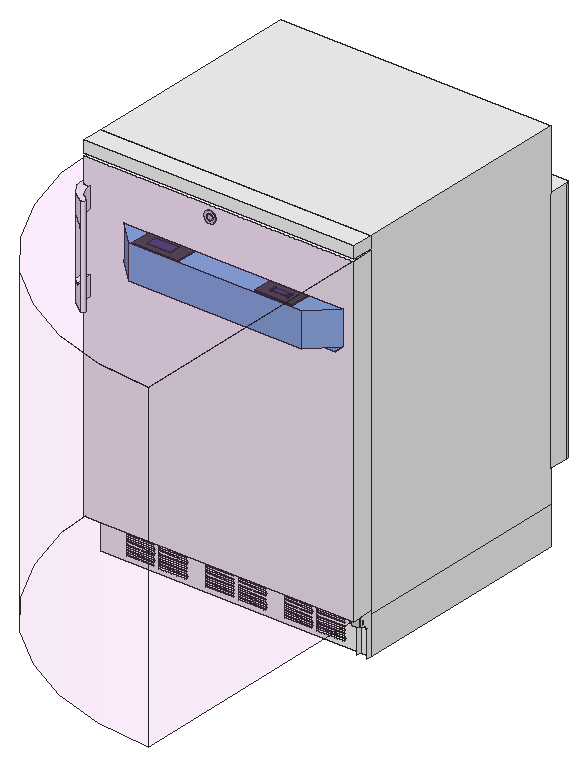
Revit family "QF_Summit_VT65MLVAC456_Built_In_Undercounter", category Specialty Equipment, Revit 2020
Family settings
  Round Connector Dimension = Use Diameter
  Part Type = Normal
  Work Plane-Based = No
  Always vertical = Yes
  Cut with Voids When Loaded = No
  Shared = No
  Room Calculation Point = No
Parameters
  Weight in Pounds = 105
  Watts = Volts * FL Amps  # 149.5 W
  Volts = 115 V
  URL Cutsheet = ""
  Specification by User = ""
  Specification by Manufacturer = ""
  Show Clearance [instance] = yes
  Serial Number = ""
  Seismic Rating = ""
  SMACNA No = ""
  Revision Code = ""
  Refrigerant Volume = 0.00 kip
  Refrigerant Type = "R134a"
  Phase = 1
  Number of Poles = 1
  NAFEM Spec ID Number = ""
  Model = "VT65MLVAC456"
  Min Ckt Ampacity = 0 A
  Max Overcurrent Protection = 0 A
  Masterspec = ""
  Manufacturer = "Summit"
  Length = 23.63"
  Item Number = ""
  Installed By = ""
  Identify Quantity as Lot = yes
  Height = 33 3/4"
  HP = ""
  Furnished By = ""
  Foodservice Equipment Identifier = yes
  FL Amps = 1.3 A
  Electrical Remarks = ""
  Electric Connection Type = ""
  Elec Conn RI Height = 0"
  Elec Conn Connection Height = 0"
  Description = "Built In Undercounter"
  Depth = 23 1/2"
  Default Elevation = 0"
  Cycle = 60 Hz
  Conn Plug = ""
  Conn Conduit = yes
  CSI MasterFormat = ""
  BTUH = 0.0 Btu/h
  Apparent Power = 0 VA
Reference planes (in)
  plane 1 "BACK": y = 0
  plane 2: z = 0
  plane 3 "LEFT": x = 0
  plane 4 "RIGHT": x = 23.63
  plane 5 "FRONT": y = -23.5
  plane 6 "TOP": z = 33.75
  plane 7 "Center Y": x = 11.815
  plane 8 "Center X": y = -11.75
Dimensions and locks (in)
  equal spacing: plane 3 "LEFT", plane 7 "Center Y", plane 4 "RIGHT"
  "Length": plane 3 "LEFT" to plane 4 "RIGHT"
  equal spacing: plane 5 "FRONT", plane 8 "Center X", plane 1 "BACK"
  "Depth": plane 5 "FRONT" to plane 1 "BACK"
  "Height": plane 6 "TOP" to level
  aligned and locked: level to plane 2
Nested families (in)
  nested 1: "VT65MLVAC456" at (0, 0, 0), Show Clearance <- "Show Clearance", type "VT65MLVAC456"
    with Show Clearance yes
Connectors (in)
  electrical at (16.42055, -1.96875, 1.80785), driven by "Volts", driven by "Watts"
    settings: on nested 1, index 1, voltage 115 V, apparent load 149.5 VA, apparent load phase1 0 VA, apparent load phase2 0 VA, apparent load phase3 0 VA, power factor 1, load classification "Other", number of poles 1, system type 30, power factor state 1, is connector primary yes, connector utility no, sub classification motor no, connector description "ELECTRICAL CONNECTION"
Definition of nested family "VT65MLVAC456"
  Parameters (values of type "VT65MLVAC456")
    Weight in Pounds = 0
    URL Cutsheet = ""
    Specification by User = ""
    Specification by Manufacturer = ""
    Show Clearance [instance] = yes
    Serial Number = ""
    Seismic Rating = ""
    SMACNA No = ""
    Revision Code = ""
    NAFEM Spec ID Number = ""
    Masterspec = ""
    Length = 23.63"
    Item Number = ""
    Installed By = ""
    Identify Quantity as Lot = yes
    Height = 33 3/4"
    Furnished By = ""
    Foodservice Equipment Identifier = yes
    Depth = 23 1/2"
    Default Elevation = 0"
    CSI MasterFormat = ""
  Reference planes (in)
    plane 1 "BACK": y = 0
    plane 2: z = 0
    plane 3 "LEFT": x = 0
    plane 4 "RIGHT": x = 23.63
    plane 5 "FRONT": y = -23.5
    plane 6 "TOP": z = 33.75
    plane 7 "Center Y": x = 11.815
    plane 8 "Center X": y = -11.75
    plane 9: y = -25.5
    plane 10: y = -46
    plane 11: y = -2
    plane 12: y = -21.625
    plane 13: z = 0.75
    plane 14: z = 4
    plane 15: z = 4.29694
  Forms (in)
    Extrusion 1, solid
      sketch origin (-1.90033, -180, 0.75) x (-1, 0, 0) y (0, -1, 0)
        loop
          line (-1.90033, -178) -> (-1.90033, -158.375) -> (-25.53033, -158.375) -> (-25.53033, -178) -> (-1.90033, -178)
      from 0 to 3.25
    Extrusion 2, solid
      sketch origin (-1.90033, -180, 4) x (-1, 0, 0) y (0, -1, 0)
        loop
          line (-1.90033, -178) -> (-1.90033, -158.375) -> (-25.53033, -158.375) -> (-25.53033, -178) -> (-1.90033, -178)
      from 0 to 29.75
    Extrusion 3, solid
      sketch origin (-1.55838, -180, 4.29694) x (-1, 0, 0) y (0, -1, 0)
        loop
          line (-1.55838, -158.375) -> (-1.55838, -156.5) -> (-25.18838, -156.5) -> (-25.18838, -158.375) -> (-1.55838, -158.375)
      from 0 to 28.22947
    Extrusion 4, solid
      sketch origin (-1.90033, -180, 30.3125) x (-1, 0, 0) y (0, -1, 0)
        loop
          line (-1.90033, -158.23709) -> (-1.52392, -158.23709) -> (-1.52392, -156.5832)
          arc (-1.52392, -156.5832) -> (-1.57773, -156.20759) -> (-1.73484, -155.86219) r 1.33783
          arc (-1.73484, -155.86219) -> (-2.3899, -155.08932) -> (-3.22612, -154.51733) r 3.7945
          arc (-3.22612, -154.51733) -> (-3.44213, -154.58103) -> (-3.39261, -154.80073) r 0.1647
          arc (-3.39261, -154.80073) -> (-2.6998, -155.5379) -> (-2.38713, -156.5) r 2.31688
          line (-2.38713, -156.5) -> (-1.90033, -156.5) -> (-1.90033, -158.23709)
      from 0 to -8.65259
    Extrusion 5, void
      sketch origin (0.53125, -23.5, 0) x (1, 0, 0) y (0, 0, 1)
        loop
          line (-0.53125, 28.5625) -> (-0.53125, 23.375) -> (0, 23.375)
          arc (0, 23.375) -> (0.53033, 23.59467) -> (0.75, 24.125) r 0.75
          line (0.75, 24.125) -> (0.75, 27.8125)
          arc (0.75, 27.8125) -> (0.53033, 28.34283) -> (0, 28.5625) r 0.75
          line (0, 28.5625) -> (-0.53125, 28.5625)
      from 0 to 2.56828
    Extrusion 6, solid
      sketch origin (23.63, -21.625, 4) x (-1, 0, 0) y (0, 0, -1)
        loop
          line (23.63, -29.75) -> (23.63, -28.74861) -> (0, -28.74861) -> (0, -29.75) -> (23.63, -29.75)
      from 0 to 1.875
    Extrusion 7, solid
      sketch origin (4.52171, -180, 28.50299) x (-1, 0, 0) y (0, -1, 0)
        loop
          line (1.02171, -156.5) -> (-0.97829, -154.5) -> (-16.12095, -154.5) -> (-18.12095, -156.5) -> (1.02171, -156.5)
      from 0 to -2.95719
    Extrusion 8, solid
      sketch origin (-0.125, -23.5, 0) x (1, 0, 0) y (0, 0, 1)
        loop
          line (3.625, 25.5458) -> (4.21783, 24.95297) -> (22.17483, 24.95297) -> (22.76766, 25.5458) -> (3.625, 25.5458)
      from 0 to 0.03125
    Extrusion 9, void
      sketch origin (23.63, -21.625, 0.75) x (1, 0, 0) y (0, 0, -1)
        loop
          line (-21.4051, -2.49235) -> (-18.9051, -2.49235) -> (-18.9051, -2.30485) -> (-21.4051, -2.30485) -> (-21.4051, -2.49235)
        loop
          line (-21.4051, -2.2111) -> (-18.9051, -2.2111) -> (-18.9051, -2.0236) -> (-21.4051, -2.0236) -> (-21.4051, -2.2111)
        loop
          line (-21.4051, -1.92985) -> (-18.9051, -1.92985) -> (-18.9051, -1.74235) -> (-21.4051, -1.74235) -> (-21.4051, -1.92985)
        loop
          line (-21.4051, -1.63607) -> (-18.9051, -1.63607) -> (-18.9051, -1.44857) -> (-21.4051, -1.44857) -> (-21.4051, -1.63607)
        loop
          line (-21.4051, -1.35482) -> (-18.9051, -1.35482) -> (-18.9051, -1.16732) -> (-21.4051, -1.16732) -> (-21.4051, -1.35482)
        loop
          line (-21.4051, -1.07357) -> (-18.9051, -1.07357) -> (-18.9051, -0.88607) -> (-21.4051, -0.88607) -> (-21.4051, -1.07357)
        loop
          line (-21.4051, -0.82357) -> (-18.9051, -0.82357) -> (-18.9051, -0.63607) -> (-21.4051, -0.63607) -> (-21.4051, -0.82357)
        loop
          line (-21.4051, -0.57357) -> (-18.9051, -0.57357) -> (-18.9051, -0.38607) -> (-21.4051, -0.38607) -> (-21.4051, -0.57357)
        loop
          line (-18.56386, -2.49235) -> (-16.06386, -2.49235) -> (-16.06386, -2.30485) -> (-18.56386, -2.30485) -> (-18.56386, -2.49235)
        loop
          line (-18.56386, -2.2111) -> (-16.06386, -2.2111) -> (-16.06386, -2.0236) -> (-18.56386, -2.0236) -> (-18.56386, -2.2111)
        loop
          line (-18.56386, -1.92985) -> (-16.06386, -1.92985) -> (-16.06386, -1.74235) -> (-18.56386, -1.74235) -> (-18.56386, -1.92985)
        loop
          line (-18.56386, -1.63607) -> (-16.06386, -1.63607) -> (-16.06386, -1.44857) -> (-18.56386, -1.44857) -> (-18.56386, -1.63607)
        loop
          line (-18.56386, -1.35482) -> (-16.06386, -1.35482) -> (-16.06386, -1.16732) -> (-18.56386, -1.16732) -> (-18.56386, -1.35482)
        loop
          line (-18.56386, -1.07357) -> (-16.06386, -1.07357) -> (-16.06386, -0.88607) -> (-18.56386, -0.88607) -> (-18.56386, -1.07357)
        loop
          line (-18.56386, -0.82357) -> (-16.06386, -0.82357) -> (-16.06386, -0.63607) -> (-18.56386, -0.63607) -> (-18.56386, -0.82357)
        loop
          line (-18.56386, -0.57357) -> (-16.06386, -0.57357) -> (-16.06386, -0.38607) -> (-18.56386, -0.38607) -> (-18.56386, -0.57357)
        loop
          line (-14.4676, -2.49235) -> (-11.9676, -2.49235) -> (-11.9676, -2.30485) -> (-14.4676, -2.30485) -> (-14.4676, -2.49235)
        loop
          line (-14.4676, -2.2111) -> (-11.9676, -2.2111) -> (-11.9676, -2.0236) -> (-14.4676, -2.0236) -> (-14.4676, -2.2111)
        loop
          line (-14.4676, -1.92985) -> (-11.9676, -1.92985) -> (-11.9676, -1.74235) -> (-14.4676, -1.74235) -> (-14.4676, -1.92985)
        loop
          line (-14.4676, -1.63607) -> (-11.9676, -1.63607) -> (-11.9676, -1.44857) -> (-14.4676, -1.44857) -> (-14.4676, -1.63607)
        loop
          line (-14.4676, -1.35482) -> (-11.9676, -1.35482) -> (-11.9676, -1.16732) -> (-14.4676, -1.16732) -> (-14.4676, -1.35482)
        loop
          line (-14.4676, -1.07357) -> (-11.9676, -1.07357) -> (-11.9676, -0.88607) -> (-14.4676, -0.88607) -> (-14.4676, -1.07357)
        loop
          line (-14.4676, -0.82357) -> (-11.9676, -0.82357) -> (-11.9676, -0.63607) -> (-14.4676, -0.63607) -> (-14.4676, -0.82357)
        loop
          line (-14.4676, -0.57357) -> (-11.9676, -0.57357) -> (-11.9676, -0.38607) -> (-14.4676, -0.38607) -> (-14.4676, -0.57357)
        loop
          line (-11.62636, -2.49235) -> (-9.12636, -2.49235) -> (-9.12636, -2.30485) -> (-11.62636, -2.30485) -> (-11.62636, -2.49235)
        loop
          line (-11.62636, -2.2111) -> (-9.12636, -2.2111) -> (-9.12636, -2.0236) -> (-11.62636, -2.0236) -> (-11.62636, -2.2111)
        loop
          line (-11.62636, -1.92985) -> (-9.12636, -1.92985) -> (-9.12636, -1.74235) -> (-11.62636, -1.74235) -> (-11.62636, -1.92985)
        loop
          line (-11.62636, -1.63607) -> (-9.12636, -1.63607) -> (-9.12636, -1.44857) -> (-11.62636, -1.44857) -> (-11.62636, -1.63607)
        loop
          line (-11.62636, -1.35482) -> (-9.12636, -1.35482) -> (-9.12636, -1.16732) -> (-11.62636, -1.16732) -> (-11.62636, -1.35482)
        loop
          line (-11.62636, -1.07357) -> (-9.12636, -1.07357) -> (-9.12636, -0.88607) -> (-11.62636, -0.88607) -> (-11.62636, -1.07357)
        loop
          line (-11.62636, -0.82357) -> (-9.12636, -0.82357) -> (-9.12636, -0.63607) -> (-11.62636, -0.63607) -> (-11.62636, -0.82357)
        loop
          line (-11.62636, -0.57357) -> (-9.12636, -0.57357) -> (-9.12636, -0.38607) -> (-11.62636, -0.38607) -> (-11.62636, -0.57357)
        loop
          line (-7.5926, -2.49235) -> (-5.0926, -2.49235) -> (-5.0926, -2.30485) -> (-7.5926, -2.30485) -> (-7.5926, -2.49235)
        loop
          line (-7.5926, -2.2111) -> (-5.0926, -2.2111) -> (-5.0926, -2.0236) -> (-7.5926, -2.0236) -> (-7.5926, -2.2111)
        loop
          line (-7.5926, -1.92985) -> (-5.0926, -1.92985) -> (-5.0926, -1.74235) -> (-7.5926, -1.74235) -> (-7.5926, -1.92985)
        loop
          line (-7.5926, -1.63607) -> (-5.0926, -1.63607) -> (-5.0926, -1.44857) -> (-7.5926, -1.44857) -> (-7.5926, -1.63607)
        loop
          line (-7.5926, -1.35482) -> (-5.0926, -1.35482) -> (-5.0926, -1.16732) -> (-7.5926, -1.16732) -> (-7.5926, -1.35482)
        loop
          line (-7.5926, -1.07357) -> (-5.0926, -1.07357) -> (-5.0926, -0.88607) -> (-7.5926, -0.88607) -> (-7.5926, -1.07357)
        loop
          line (-7.5926, -0.82357) -> (-5.0926, -0.82357) -> (-5.0926, -0.63607) -> (-7.5926, -0.63607) -> (-7.5926, -0.82357)
        loop
          line (-7.5926, -0.57357) -> (-5.0926, -0.57357) -> (-5.0926, -0.38607) -> (-7.5926, -0.38607) -> (-7.5926, -0.57357)
        loop
          line (-4.75136, -2.49235) -> (-2.25136, -2.49235) -> (-2.25136, -2.30485) -> (-4.75136, -2.30485) -> (-4.75136, -2.49235)
        loop
          line (-4.75136, -2.2111) -> (-2.25136, -2.2111) -> (-2.25136, -2.0236) -> (-4.75136, -2.0236) -> (-4.75136, -2.2111)
        loop
          line (-4.75136, -1.92985) -> (-2.25136, -1.92985) -> (-2.25136, -1.74235) -> (-4.75136, -1.74235) -> (-4.75136, -1.92985)
        loop
          line (-4.75136, -1.63607) -> (-2.25136, -1.63607) -> (-2.25136, -1.44857) -> (-4.75136, -1.44857) -> (-4.75136, -1.63607)
        loop
          line (-4.75136, -1.35482) -> (-2.25136, -1.35482) -> (-2.25136, -1.16732) -> (-4.75136, -1.16732) -> (-4.75136, -1.35482)
        loop
          line (-4.75136, -1.07357) -> (-2.25136, -1.07357) -> (-2.25136, -0.88607) -> (-4.75136, -0.88607) -> (-4.75136, -1.07357)
        loop
          line (-4.75136, -0.82357) -> (-2.25136, -0.82357) -> (-2.25136, -0.63607) -> (-4.75136, -0.63607) -> (-4.75136, -0.82357)
        loop
          line (-4.75136, -0.57357) -> (-2.25136, -0.57357) -> (-2.25136, -0.38607) -> (-4.75136, -0.38607) -> (-4.75136, -0.57357)
      from 0 to 1.06614
    Revolve 10, solid
      sketch origin (23.71032, -22.5625, -11.25139) x (1, 0, 0) y (0, 0, 1)
        loop
          line (-0.53345, 14.83449) -> (-0.11157, 14.83449) -> (-0.11157, 15.54833) -> (-0.53345, 15.54833) -> (-0.53345, 14.83449)
        axis (-0.53345, 14.83449) -> (-0.53345, 15.54833)
      angle from 0 to 360
    Extrusion 11, solid
      sketch origin (23.63, 0, 0) x (0, -1, 0) y (0, 0, 1)
        loop
          line (22.8125, 4.29694) -> (21.625, 4.29694) -> (21.625, 0.75) -> (22.08579, 0.75) -> (22.08579, 2.84493)
          arc (22.08579, 2.84493) -> (22.29864, 3.35879) -> (22.8125, 3.57164) r 0.72671
          line (22.8125, 3.57164) -> (22.8125, 4.29694)
      from 0 to 0.03125
    Extrusion 12, solid
      sketch origin (22.72375, 0, 0) x (0, -1, 0) y (0, 0, -1)
        loop
          line (22.8125, -4.29694) -> (22.8125, -3.57164)
          arc (22.8125, -3.57164) -> (22.29864, -3.35879) -> (22.08579, -2.84493) r 0.72671
          line (22.08579, -2.84493) -> (22.08579, -0.75) -> (21.625, -0.75) -> (21.625, -4.29694) -> (22.8125, -4.29694)
      from 0 to 0.03125
    Revolve 13, solid
      sketch origin (23.71032, -22.5625, 17.27501) x (1, 0, 0) y (0, 0, 1)
        loop
          line (-0.53345, 15.25139) -> (-0.11157, 15.25139) -> (-0.11157, 15.47359) -> (-0.53345, 15.47359) -> (-0.53345, 15.25139)
        axis (-0.53345, 15.25139) -> (-0.53345, 15.47359)
      angle from 0 to 360
    Extrusion 14, solid
      sketch origin (4.52171, -180, 28.50299) x (-1, 0, 0) y (0, -1, 0)
        loop
          line (-1.22345, -156.38436) -> (-1.22345, -154.57186) -> (-5.22345, -154.57186) -> (-5.22345, -156.38436) -> (-1.22345, -156.38436)
        loop
          line (-15.17564, -156.32186) -> (-11.86314, -156.32186) -> (-11.86314, -154.63436) -> (-15.17564, -154.63436) -> (-15.17564, -156.32186)
      from 0 to 0.0625
    Extrusion 15, solid
      sketch origin (4.52171, -180, 28.56549) x (-1, 0, 0) y (0, -1, 0)
        loop
          line (-2.11709, -156.04738) -> (-2.11709, -155.04738) -> (-4.19362, -155.04738) -> (-4.19362, -156.04738) -> (-2.11709, -156.04738)
        loop
          line (-12.89439, -155.75936) -> (-12.89439, -155.25936) -> (-14.14439, -155.25936) -> (-14.14439, -155.75936) -> (-12.89439, -155.75936)
      from 0 to 0.05469
    Extrusion 16, solid
      sketch origin (4.52171, -180, 28.56549) x (-1, 0, 0) y (0, -1, 0)
        loop
          line (-12.85858, -155.51903) -> (-12.85858, -155.71742)
          arc (-12.85858, -155.71742) -> (-12.79608, -155.77992) -> (-12.73358, -155.71742) r 0.0625
          line (-12.73358, -155.71742) -> (-12.73358, -155.51903) -> (-12.85858, -155.51903)
        loop
          line (-14.1802, -155.51903) -> (-14.3052, -155.51903) -> (-14.3052, -155.71742)
          arc (-14.3052, -155.71742) -> (-14.2427, -155.77992) -> (-14.1802, -155.71742) r 0.0625
          line (-14.1802, -155.71742) -> (-14.1802, -155.51903)
      from 0 to 0.05469
    Extrusion 17, solid
      sketch origin (4.52171, -180, 28.56549) x (-1, 0, 0) y (0, -1, 0)
        loop
          line (-12.73358, -155.49968) -> (-12.73358, -155.30129)
          arc (-12.73358, -155.30129) -> (-12.79608, -155.23879) -> (-12.85858, -155.30129) r 0.0625
          line (-12.85858, -155.30129) -> (-12.85858, -155.49968) -> (-12.73358, -155.49968)
        loop
          line (-14.1802, -155.49968) -> (-14.1802, -155.30129)
          arc (-14.1802, -155.30129) -> (-14.2427, -155.23879) -> (-14.3052, -155.30129) r 0.0625
          line (-14.3052, -155.30129) -> (-14.3052, -155.49968) -> (-14.1802, -155.49968)
      from 0 to 0.05469
    Extrusion 18, solid
      sketch origin (3.27171, -180, 28.50299) x (-1, 0, 0) y (0, -1, 0)
        loop
          arc (3.02171, -180) -> (3.19848, -179.92678) -> (3.27171, -179.75) r 0.25
          line (3.27171, -179.75) -> (3.27171, -178) -> (-20.35829, -178) -> (-20.35829, -179.75)
          arc (-20.35829, -179.75) -> (-20.28507, -179.92678) -> (-20.10829, -180) r 0.25
          line (-20.10829, -180) -> (3.02171, -180)
      from 0 to -21.60075
    Extrusion 19, solid
      sketch origin (0, -2, 0.75) x (1, 0, 0) y (0, 0, -1)
        loop
          circle (16.42055, -1.05785) r 0.25
      from 0 to 0.03125
    Revolve 20, solid
      sketch origin (0, -18.65387, 0) x (1, 0, 0) y (0, 0, 1)
        loop
          line (2.92667, 0.75) -> (2.92667, 0) -> (3.556, 0) -> (3.556, 0.56105) -> (3.17075, 0.56105) -> (3.17075, 0.75) -> (2.92667, 0.75)
        axis (2.92667, 0) -> (2.92667, 0.75)
      angle from 0 to 360
    Revolve 21, solid
      sketch origin (23.63, -18.65387, 0) x (-1, 0, 0) y (0, 0, 1)
        loop
          line (2.92667, 0.75) -> (2.92667, 0) -> (3.556, 0) -> (3.556, 0.56105) -> (3.17075, 0.56105) -> (3.17075, 0.75) -> (2.92667, 0.75)
        axis (2.92667, 0) -> (2.92667, 0.75)
      angle from 0 to 360
    Revolve 22, solid
      sketch origin (0, -6, 0) x (1, 0, 0) y (0, 0, 1)
        loop
          line (2.92667, 0.75) -> (2.92667, 0) -> (3.556, 0) -> (3.556, 0.56105) -> (3.17075, 0.56105) -> (3.17075, 0.75) -> (2.92667, 0.75)
        axis (2.92667, 0) -> (2.92667, 0.75)
      angle from 0 to 360
    Revolve 23, solid
      sketch origin (23.63, -6, 0) x (-1, 0, 0) y (0, 0, 1)
        loop
          line (2.92667, 0.75) -> (2.92667, 0) -> (3.556, 0) -> (3.556, 0.56105) -> (3.17075, 0.56105) -> (3.17075, 0.75) -> (2.92667, 0.75)
        axis (2.92667, 0) -> (2.92667, 0.75)
      angle from 0 to 360
    Extrusion 24, solid, visible <- "Show Clearance"
      sketch origin (-1.55838, -180, 4.29694) x (0, -1, 0) y (-1, 0, 0)
        loop
          line (-158.375, -25.18838) -> (-134, -25.18838)
          arc (-134, -25.18838) -> (-141.18236, -8.21044) -> (-158.375, -1.55838) r 23.63
          line (-158.375, -1.55838) -> (-158.375, -25.18838)
      from 0 to -28.22947
    Extrusion 25, solid
      sketch origin (0, -23.5, 0) x (1, 0, 0) y (0, 0, 1)
        loop
          circle (11.0176, 31.60512) r 0.5
        loop
          circle (11.0176, 31.60512) r 0.25
      from 0 to 0.03125
    Extrusion 26, solid
      sketch origin (23.92684, -23.5, 4.29694) x (-1, 0, 0) y (0, 0, -1)
        loop
          circle (12.90923, -27.30818) r 0.24704
      from 0 to 0.03125
  Cuts and joins
    Extrusion 5 cuts Extrusion 3
    Extrusion 5 cuts Extrusion 4
    Extrusion 9 cuts Extrusion 1
  Lines and regions (in)
    symbolic lines
      curve 1: line (0, -0.25, 28.56549) -> (0, -2, 28.56549)
      curve 2: line (0, -2, 28.56549) -> (23.63, -2, 28.56549)
      curve 3: line (23.63, -2, 28.56549) -> (23.63, -0.25, 28.56549)
      curve 4: arc (23.63, -0.25, 28.56549) -> (23.55678, -0.07322, 28.56549) -> (23.38, 0, 28.56549) r 0.25
      curve 5: line (23.38, 0, 28.56549) -> (0.25, 0, 28.56549)
      curve 6: arc (0.25, 0, 28.56549) -> (0.07322, -0.07322, 28.56549) -> (0, -0.25, 28.56549) r 0.25
      curve 7: line (0, -2, 28.56549) -> (0, -21.625, 28.56549)
      curve 8: line (23.63, -21.625, 28.56549) -> (23.63, -2, 28.56549)
      curve 9: line (23.63, -21.625, 28.56549) -> (0, -21.625, 28.56549)
      curve 10: line (0, -21.625, 28.56549) -> (0, -23.5, 28.56549)
      curve 11: line (0, -23.5, 28.56549) -> (23.63, -23.5, 28.56549)
      curve 12: line (23.63, -23.5, 28.56549) -> (23.63, -21.625, 28.56549)
      curve 13: line (20.64266, -25.5, 28.56549) -> (22.64266, -23.5, 28.56549)
      curve 14: line (5.5, -25.5, 28.56549) -> (20.64266, -25.5, 28.56549)
      curve 15: line (3.5, -23.5, 28.56549) -> (5.5, -25.5, 28.56549)
      curve 16: line (5.74515, -23.61564, 28.56549) -> (5.74515, -25.42814, 28.56549)
      curve 17: line (5.74515, -25.42814, 28.56549) -> (9.74515, -25.42814, 28.56549)
      curve 18: line (9.74515, -25.42814, 28.56549) -> (9.74515, -23.61564, 28.56549)
      curve 19: line (9.74515, -23.61564, 28.56549) -> (5.74515, -23.61564, 28.56549)
      curve 20: line (6.63879, -23.95262, 28.56549) -> (6.63879, -24.95262, 28.56549)
      curve 21: line (6.63879, -24.95262, 28.56549) -> (8.71532, -24.95262, 28.56549)
      curve 22: line (8.71532, -24.95262, 28.56549) -> (8.71532, -23.95262, 28.56549)
      curve 23: line (8.71532, -23.95262, 28.56549) -> (6.63879, -23.95262, 28.56549)
      curve 24: line (17.4161, -24.24064, 28.56549) -> (17.4161, -24.74064, 28.56549)
      curve 25: line (17.4161, -24.74064, 28.56549) -> (18.6661, -24.74064, 28.56549)
      curve 26: line (18.6661, -24.74064, 28.56549) -> (18.6661, -24.24064, 28.56549)
      curve 27: line (18.6661, -24.24064, 28.56549) -> (17.4161, -24.24064, 28.56549)
      curve 28: line (17.38029, -24.48097, 28.56549) -> (17.38029, -24.28258, 28.56549)
      curve 29: arc (17.38029, -24.28258, 28.56549) -> (17.31779, -24.22008, 28.56549) -> (17.25529, -24.28258, 28.56549) r 0.0625
      curve 30: line (17.25529, -24.28258, 28.56549) -> (17.25529, -24.48097, 28.56549)
      curve 31: line (17.25529, -24.48097, 28.56549) -> (17.38029, -24.48097, 28.56549)
      curve 32: line (17.38029, -24.50032, 28.56549) -> (17.25529, -24.50032, 28.56549)
      curve 33: line (17.25529, -24.50032, 28.56549) -> (17.25529, -24.69871, 28.56549)
      curve 34: arc (17.25529, -24.69871, 28.56549) -> (17.31779, -24.76121, 28.56549) -> (17.38029, -24.69871, 28.56549) r 0.0625
      curve 35: line (17.38029, -24.69871, 28.56549) -> (17.38029, -24.50032, 28.56549)
      curve 36: line (18.82691, -24.48097, 28.56549) -> (18.82691, -24.28258, 28.56549)
      curve 37: arc (18.82691, -24.28258, 28.56549) -> (18.76441, -24.22008, 28.56549) -> (18.70191, -24.28258, 28.56549) r 0.0625
      curve 38: line (18.70191, -24.28258, 28.56549) -> (18.70191, -24.48097, 28.56549)
      curve 39: line (18.70191, -24.48097, 28.56549) -> (18.82691, -24.48097, 28.56549)
      curve 40: line (18.82691, -24.50032, 28.56549) -> (18.70191, -24.50032, 28.56549)
      curve 41: line (18.70191, -24.50032, 28.56549) -> (18.70191, -24.69871, 28.56549)
      curve 42: line (18.82691, -24.69871, 28.56549) -> (18.82691, -24.50032, 28.56549)
      curve 43: arc (18.70191, -24.69871, 28.56549) -> (18.76441, -24.76121, 28.56549) -> (18.82691, -24.69871, 28.56549) r 0.0625
      curve 44: line (0, -21.76291, 28.56549) -> (-0.37641, -21.76291, 28.56549)
      curve 45: line (-0.37641, -21.76291, 28.56549) -> (-0.37641, -23.4168, 28.56549)
      curve 46: arc (-0.37641, -23.4168, 28.56549) -> (-0.3226, -23.79241, 28.56549) -> (-0.16549, -24.13781, 28.56549) r 1.33783
      curve 47: arc (-0.16549, -24.13781, 28.56549) -> (0.48957, -24.91068, 28.56549) -> (1.32579, -25.48267, 28.56549) r 3.7945
      curve 48: arc (1.49228, -25.19927, 28.56549) -> (0.79947, -24.4621, 28.56549) -> (0.4868, -23.5, 28.56549) r 2.31688
      curve 49: arc (1.32579, -25.48267, 28.56549) -> (1.5418, -25.41897, 28.56549) -> (1.49228, -25.19927, 28.56549) r 0.1647
    symbolic lines, visible <- "Show Clearance"
      curve 50: arc (2.84191, -33.62701, 28.56549) -> (0.62408, -27.8147, 28.56549) -> (0, -21.625, 28.56549) r 23.63
      curve 51: line (23.63, -21.625, 28.56549) -> (2.84191, -33.62701, 28.56549)
  Dimensions and locks (in)
    equal spacing: plane 3 "LEFT", plane 7 "Center Y", plane 4 "RIGHT"
    "Length": plane 3 "LEFT" to plane 4 "RIGHT"
    equal spacing: plane 5 "FRONT", plane 8 "Center X", plane 1 "BACK"
    "Depth": plane 5 "FRONT" to plane 1 "BACK"
    "Height": plane 6 "TOP" to level
    plane 9 to plane 5 "FRONT" = 2"
    plane 1 "BACK" to plane 10 = 46"
    plane 1 "BACK" to plane 11 = 2"
    plane 11 to plane 12 = 19 5/8"
    aligned and locked: level to plane 2
  Automatic sketch dimensions
    Extrusion 1 sketch curve to plane 4 "RIGHT" = 0"
    Extrusion 1 sketch curve to plane 3 "LEFT" = 0"
    Extrusion 1 sketch curve to plane 11 = 0"
    Extrusion 1 sketch curve to plane 12 = 0"
    Extrusion 2 sketch curve to Extrusion 1 = 0"  (x4)
    Extrusion 3 sketch curve to plane 4 "RIGHT" = 0"
    Extrusion 3 sketch curve to plane 3 "LEFT" = 0"
    Extrusion 3 sketch curve to plane 12 = 0"
    plane 5 "FRONT" to Extrusion 3 sketch curve = 0"
    plane 5 "FRONT" to Extrusion 4 sketch curve = 0"
    Extrusion 4 sketch curve to plane 3 "LEFT" = 0"
    Extrusion 4 sketch curve to Extrusion 4 sketch curve = 0.4868"
    Extrusion 4 sketch curve to plane 5 "FRONT" = 0.0832"
    Extrusion 4 sketch curve to Extrusion 4 sketch curve = 0.47462"
    plane 9 to Extrusion 4 sketch curve = 0.16446"
    plane 3 "LEFT" to Extrusion 4 sketch curve = 1.39979"
    Extrusion 4 sketch curve to plane 5 "FRONT" = 0.21775"
    Extrusion 4 sketch curve to Extrusion 4 sketch curve = 1.832"
    Extrusion 4 sketch curve to plane 12 = 0.46781"
    Extrusion 4 sketch curve to Extrusion 4 sketch curve = 0.23736"
    Extrusion 4 sketch curve to plane 12 = 0.13791"
    Extrusion 4 sketch curve to plane 3 "LEFT" = 0.37641"
    plane 9 to Extrusion 4 sketch curve = 0.01733"
    Extrusion 4 sketch curve to Extrusion 4 sketch curve = 0"
    Extrusion 5 sketch curve to plane 3 "LEFT" = 0"
    plane 3 "LEFT" to Extrusion 5 sketch curve = 17/32"
    Extrusion 5 sketch curve to Extrusion 5 sketch curve = 17/32"
    Extrusion 5 sketch curve to Extrusion 5 sketch curve = 3/4"
    Extrusion 6 sketch curve to Extrusion 2 = 0"  (x3)
    Extrusion 2 to Extrusion 6 sketch curve = 1.00139"
    plane 5 "FRONT" to Extrusion 7 sketch curve = 0"
    Extrusion 7 sketch curve to plane 9 = 0"
    plane 4 "RIGHT" to Extrusion 7 sketch curve = 0.98734"
    Extrusion 7 sketch curve to Extrusion 7 sketch curve = 2"  (x2)
    plane 3 "LEFT" to Extrusion 7 sketch curve = 5 1/2"
    plane 3 "LEFT" to Extrusion 8 sketch curve = 3 1/2"
    Extrusion 8 sketch curve to Extrusion 8 sketch curve = 0.59283"  (x3)
    plane 4 "RIGHT" to Extrusion 8 sketch curve = 1.58017"
    Extrusion 9 sketch curve to Extrusion 1 = 0.75765"  (x6)
    Extrusion 9 sketch curve to Extrusion 1 = 2.2249"
    Extrusion 9 sketch curve to Extrusion 1 = 0.38607"  (x3)
    Extrusion 9 sketch curve to Extrusion 9 sketch curve = 0"  (x79)
    Extrusion 9 sketch curve to Extrusion 9 sketch curve = 2 1/2"  (x5)
    Extrusion 9 sketch curve to Extrusion 9 sketch curve = 0.34124"  (x6)
    Extrusion 9 sketch curve to Extrusion 9 sketch curve = 1.59626"  (x2)
    Extrusion 9 sketch curve to Extrusion 9 sketch curve = 1.53376"  (x2)
    Extrusion 1 to Extrusion 9 sketch curve = 2.25136"
    Extrusion 9 sketch curve to Extrusion 9 sketch curve = 3/16"  (x45)
    Extrusion 9 sketch curve to Extrusion 9 sketch curve = 3/32"  (x24)
    Extrusion 9 sketch curve to Extrusion 9 sketch curve = 0.10627"  (x6)
    Extrusion 9 sketch curve to Extrusion 9 sketch curve = 1/16"  (x12)
    Revolve 10 sketch curve to plane 15 = 0"
    Revolve 10 sketch curve to plane 14 = 0"
    plane 4 "RIGHT" to Revolve 10 sketch curve = 29/64"
    plane 4 "RIGHT" to Revolve 10 sketch curve = 1/32"
    Revolve 10 sketch curve to plane 14 = 0.41691"
    Revolve 10 sketch curve to Revolve 10 sketch curve = 0"
    Revolve 10 sketch curve to Revolve 10 sketch curve = 0.11655"
    Extrusion 11 sketch curve to plane 12 = 0"
    Extrusion 11 sketch curve to plane 13 = 0"
    Extrusion 11 sketch curve to plane 15 = 0"
    Extrusion 11 sketch curve to Extrusion 11 sketch curve = 0.46079"
    Extrusion 11 sketch curve to plane 5 "FRONT" = 11/16"
    Extrusion 11 sketch curve to plane 14 = 1.15507"
    Extrusion 12 sketch curve to plane 12 = 0"
    Extrusion 12 sketch curve to plane 13 = 0"
    Extrusion 12 sketch curve to plane 15 = 0"
    Extrusion 12 sketch curve to plane 12 = 0.46079"
    Extrusion 12 sketch curve to plane 5 "FRONT" = 11/16"
    Extrusion 12 sketch curve to plane 14 = 0.42836"
    plane 4 "RIGHT" to Revolve 13 sketch curve = 29/64"
    plane 4 "RIGHT" to Revolve 13 sketch curve = 1/32"
    Revolve 13 sketch curve to plane 6 "TOP" = 1.22359"
    Revolve 13 sketch curve to Revolve 13 sketch curve = 0.2222"
    Revolve 13 sketch curve to Revolve 13 sketch curve = 0"  (x2)
    Revolve 13 sketch curve to Revolve 13 sketch curve = 0.10565"
    Extrusion 14 sketch curve to Extrusion 7 = 0.13436"
    Extrusion 14 sketch curve to Extrusion 7 = 0.76344"
    Extrusion 14 sketch curve to Extrusion 14 sketch curve = 3 5/16"
    Extrusion 14 sketch curve to Extrusion 7 = 0.11564"
    Extrusion 14 sketch curve to Extrusion 14 sketch curve = 6.6397"
    Extrusion 14 sketch curve to Extrusion 7 = 0.07186"
    Extrusion 14 sketch curve to Extrusion 14 sketch curve = 4"
    Extrusion 14 sketch curve to Extrusion 7 = 0.17814"
    Extrusion 15 sketch curve to Extrusion 14 = 1 1/32"  (x2)
    Extrusion 15 sketch curve to Extrusion 14 = 0.27448"
    Extrusion 15 sketch curve to Extrusion 14 = 1.02983"
    Extrusion 15 sketch curve to Extrusion 14 = 0.41302"
    Extrusion 15 sketch curve to Extrusion 14 = 0.89364"
    Extrusion 15 sketch curve to Extrusion 14 = 9/16"
    Extrusion 15 sketch curve to Extrusion 15 sketch curve = 1/2"
    Extrusion 16 sketch curve to Extrusion 14 = 0.87044"
    Extrusion 16 sketch curve to Extrusion 16 sketch curve = 1/16"  (x2)
    Extrusion 16 sketch curve to Extrusion 14 = 0.99544"
    Extrusion 16 sketch curve to Extrusion 14 = 0.60443"  (x2)
    Extrusion 16 sketch curve to Extrusion 16 sketch curve = 0.19839"  (x2)
    Extrusion 17 sketch curve to Extrusion 14 = 0.87044"
    Extrusion 17 sketch curve to Extrusion 17 sketch curve = 1/16"  (x2)
    Extrusion 17 sketch curve to Extrusion 14 = 0.99544"
    Extrusion 17 sketch curve to Extrusion 14 = 0.82218"  (x2)
    Extrusion 17 sketch curve to Extrusion 17 sketch curve = 0.19839"  (x2)
    Extrusion 18 sketch curve to plane 4 "RIGHT" = 0"
    plane 1 "BACK" to Extrusion 18 sketch curve = 0"
    Extrusion 18 sketch curve to plane 3 "LEFT" = 0"
    Extrusion 18 sketch curve to plane 11 = 0"
    Extrusion 18 sketch curve to Extrusion 18 sketch curve = 1/4"  (x2)
    Extrusion 1 to Extrusion 19 sketch curve = 1.05785"
    Extrusion 19 sketch curve to Extrusion 1 = 7.20945"
    Revolve 20 sketch curve to plane 13 = 0"
    Revolve 20 sketch curve to level = 0"  (x2)
    plane 3 "LEFT" to Revolve 20 sketch curve = 2.92667"
    Revolve 20 sketch curve to Revolve 20 sketch curve = 0.24408"
    Revolve 20 sketch curve to Revolve 20 sketch curve = 0.62933"
    Revolve 20 sketch curve to Revolve 20 sketch curve = 0.18895"
    Revolve 20 sketch curve to Revolve 20 sketch curve = 0"
    Revolve 20 sketch curve to Revolve 20 sketch curve = 0.32821"
    Revolve 21 sketch curve to plane 13 = 0"
    Revolve 21 sketch curve to level = 0"  (x2)
    Revolve 21 sketch curve to plane 4 "RIGHT" = 2.92667"
    Revolve 21 sketch curve to Revolve 21 sketch curve = 0.24408"
    Revolve 21 sketch curve to Revolve 21 sketch curve = 0.62933"
    plane 13 to Revolve 21 sketch curve = 0.18895"
    Revolve 21 sketch curve to Revolve 21 sketch curve = 0"
    Revolve 21 sketch curve to Revolve 21 sketch curve = 0.32821"
    Revolve 22 sketch curve to plane 13 = 0"
    Revolve 22 sketch curve to level = 0"  (x2)
    plane 3 "LEFT" to Revolve 22 sketch curve = 2.92667"
    Revolve 22 sketch curve to Revolve 22 sketch curve = 0.24408"
    Revolve 22 sketch curve to Revolve 22 sketch curve = 0.62933"
    Revolve 22 sketch curve to Revolve 22 sketch curve = 0.18895"
    Revolve 22 sketch curve to Revolve 22 sketch curve = 0"
    Revolve 22 sketch curve to Revolve 22 sketch curve = 0.32821"
    Revolve 23 sketch curve to plane 13 = 0"
    Revolve 23 sketch curve to level = 0"  (x2)
    Revolve 23 sketch curve to plane 4 "RIGHT" = 2.92667"
    Revolve 23 sketch curve to Revolve 23 sketch curve = 0.24408"
    Revolve 23 sketch curve to Revolve 23 sketch curve = 0.62933"
    Revolve 23 sketch curve to Revolve 23 sketch curve = 0.18895"
    Revolve 23 sketch curve to Revolve 23 sketch curve = 0"
    Revolve 23 sketch curve to Revolve 23 sketch curve = 0.32821"
    Extrusion 5 sketch curve to plane 6 "TOP" = 10 3/8"
    Extrusion 5 sketch curve to Extrusion 5 sketch curve = 3 11/16"
    Extrusion 8 sketch curve to plane 6 "TOP" = 8.79703"
    Extrusion 24 sketch curve to Extrusion 3 = 0"  (x3)
    Extrusion 3 to Extrusion 24 sketch curve = 0.01175"
    Extrusion 3 to Extrusion 24 sketch curve = 0.745"
    curve 19 to Extrusion 14 = 0"  (x3)
    curve 16 to Extrusion 14 = 0"
    curve 30 to Extrusion 14 = 0.87044"
    curve 33 to curve 30 = 0"
    curve 29 to curve 29 = 1/16"
    curve 34 to curve 34 = 1/16"
    curve 24 to curve 35 = 0.03581"
    curve 26 to Extrusion 14 = 1 1/32"
    curve 40 to curve 25 = 0.03581"
    curve 39 to curve 40 = 0"
    curve 43 to curve 43 = 1/16"
    curve 37 to curve 37 = 1/16"
    Extrusion 14 to curve 13 = 0.07186"
    Extrusion 14 to curve 13 = 121/128"
    Extrusion 14 to curve 5 = 3.68265"
    Extrusion 14 to curve 50 = 1.24564"
    Extrusion 14 to curve 50 = 3.9209"
    Extrusion 14 to curve 12 = 0.11564"
    curve 12 to curve 50 = 0.01175"
    curve 22 to Extrusion 14 = 0.41302"
    curve 22 to Extrusion 14 = 1.02983"
    curve 20 to Extrusion 14 = 0.89364"
    Extrusion 14 to curve 14 = 0.24515"
    Extrusion 14 to curve 47 = 2.71437"
    Extrusion 14 to curve 48 = 0.33339"
    curve 47 to curve 48 = 0.23736"
    curve 49 to Extrusion 14 = 0.0301"
    curve 48 to curve 49 = 1.39363"
    Extrusion 14 to curve 46 = 0.19884"
    curve 48 to curve 46 = 1.832"
    Extrusion 14 to curve 5 = 5.49515"
    curve 6 to curve 7 = 1/4"
    curve 44 to curve 45 = 0.37641"
    curve 47 to curve 48 = 1.18944"
    curve 44 to curve 45 = 1.65389"
    curve 12 to curve 50 = 0.745"
    curve 8 to curve 8 = 19 5/8"
    curve 6 to curve 1 = 1 3/4"
    curve 23 to Extrusion 14 = 0.27448"
    curve 24 to Extrusion 14 = 9/16"
    curve 26 to curve 36 = 0.04193"
    curve 24 to curve 28 = 0.04193"
    curve 37 to curve 38 = 0.19839"
    curve 30 to curve 31 = 0.19839"
    curve 28 to curve 32 = 0.01936"
    curve 38 to curve 41 = 0.01936"
    curve 32 to curve 33 = 0.19839"
    curve 40 to curve 41 = 0.19839"
    curve 41 to curve 25 = 0.04193"
    curve 11 to curve 13 = 0.98734"
    curve 15 to curve 48 = 0.70658"
    Extrusion 14 to curve 51 = 2.90324"
    curve 48 to curve 49 = 0.09249"
    curve 49 to curve 48 = 0"
    curve 47 to curve 49 = 0"
    Extrusion 25 sketch curve to Extrusion 25 sketch curve = 0"  (x2)
    Extrusion 25 sketch curve to plane 7 "Center Y" = 0.7974"
    Extrusion 25 sketch curve to plane 6 "TOP" = 2.14488"
    Extrusion 3 to Extrusion 26 sketch curve = 0.92128"
    Extrusion 3 to Extrusion 26 sketch curve = 11.0176"
    radius of Extrusion 19 sketch curve = 1/4"
    radius of Extrusion 25 sketch curve = 1/2"
    radius of Extrusion 25 sketch curve = 1/4"
    radius of Extrusion 26 sketch curve = 0.24704"
